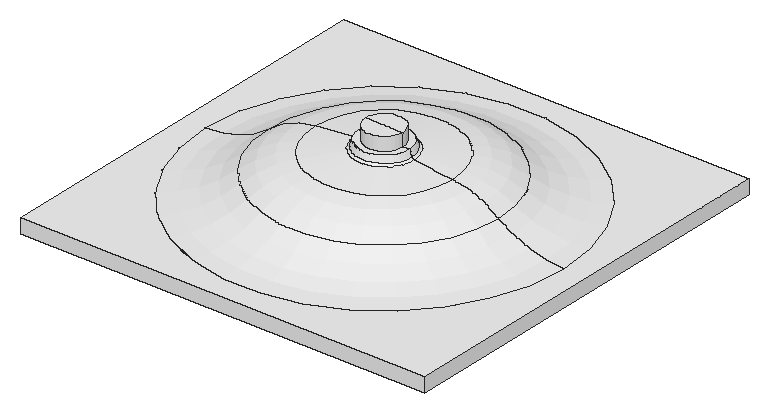
Revit family "Shower_Head-Grohe-Rainshower-26645000", category Plumbing Fixtures, Revit 2014
Parameters (values of type "26645000")
  Width = 12 3/16"  # constant formula
  Waste Connection = no
  Warranty Documentation Link = "https://www.grohe.us/en_us/our-service/warranty/"
  WFU = 4
  Vent Connection = no
  URL = "https://www.grohe.us/"
  Tempered Water Connection Radius = 1/4"  # constant formula
  Tempered Water Connection Diameter = Tempered Water Connection Radius * 2  # 1/2"
  Product Page URL = ""
  Product Documentation Link = ""
  Price = "Prices may vary. Please consult Manufacturer Representative for most up-to-date price list."  # constant formula
  Model = "26645000"
  Material = "Brass-Grohe-000-Starlight Chrome"
  Manufacturer = "Grohe"
  Hot Water Connection Radius = Tempered Water Connection Radius  # 1/4"
  Hot Water Connection Diameter = Hot Water Connection Radius * 2  # 1/2"
  Height = 2 5/8"  # constant formula
  HWFU = 3
  HW Connection = yes
  Flow Rate = "1.75 gpm (6.6 Lpm)"
  Finish = Brass-Grohe-000-Starlight Chrome
  Description = "Rainshower™ SmartConnect 310 Showerhead with Remote, Cube"  # constant formula
  Default Elevation = 0"
  Creation Date = "03/11/2020"  # constant formula
  Cold Water Connection Radius = Hot Water Connection Radius  # 1/4"
  Cold Water Connection Diameter = Cold Water Connection Radius * 2  # 1/2"
  CWFU = 3
  CW Connection = yes
  Assembly Code = "D2010700"
Reference planes (in)
  plane 1 "Center (Front/Back)": y = 0
  plane 2: z = 0
  plane 3 "Center (Left/Right)": x = 0
  plane 4: x = -0.46875
  plane 5: x = 0.6875
  plane 6: x = -0.6875
  plane 7: z = -2.625
Forms (in)
  Revolve 1, solid, material "Brass-Grohe-000-Starlight Chrome" <- "Finish"
    sketch origin (0, 0, 0) x (1, 0, 0) y (0, 0, 1)
      loop
        line (0, 0) -> (0, -2.52442) -> (5.86771, -2.52442) -> (5.86771, -1.99335) -> (5.44929, -1.99335)
        arc (5.44929, -1.99335) -> (4.40983, -1.81923) -> (3.48364, -1.31628) r 3.19388
        arc (3.48364, -1.31628) -> (2.82773, -0.9376) -> (2.09286, -0.75437) r 2.72097
        line (2.09286, -0.75437) -> (0.90534, -0.62956)
        arc (0.90534, -0.62956) -> (0.85958, -0.61107) -> (0.83058, -0.57115) r 0.08952
        line (0.83058, -0.57115) -> (0.7642, -0.38879) -> (0.56237, -0.38879) -> (0.56237, 0) -> (0, 0)
      axis (0, 0) -> (0, -2.52442)
    angle from 0 to 360
  Extrusion 2, solid, material "Rubber-Grohe-White"
    sketch origin (0, 0, 0) x (1, 0, 0) y (0, 1, 0)
      loop
        arc (-0.07811, 0.53346) -> (0, 0.45535) -> (0.07811, 0.53346) r 0.07811
        line (0.07811, 0.53346) -> (0.07811, 1.10581)
        arc (0.07811, 1.10581) -> (0, 1.18393) -> (-0.07811, 1.10581) r 0.07811
        line (-0.07811, 1.10581) -> (-0.07811, 0.53346)
      loop
        line (-0.07811, -0.53346) -> (-0.07811, -1.10581)
        arc (-0.07811, -1.10581) -> (0, -1.18393) -> (0.07811, -1.10581) r 0.07811
        line (0.07811, -1.10581) -> (0.07811, -0.53346)
        arc (0.07811, -0.53346) -> (0, -0.45535) -> (-0.07811, -0.53346) r 0.07811
      loop
        arc (0.32198, 0.43245) -> (0.32198, 0.32198) -> (0.43245, 0.32198) r 0.07811
        line (0.43245, 0.32198) -> (0.83716, 0.72669)
        arc (0.83716, 0.72669) -> (0.83716, 0.83716) -> (0.72669, 0.83716) r 0.07811
        line (0.72669, 0.83716) -> (0.32198, 0.43245)
      loop
        line (-0.43245, -0.32198) -> (-0.83716, -0.72669)
        arc (-0.83716, -0.72669) -> (-0.83716, -0.83716) -> (-0.72669, -0.83716) r 0.07811
        line (-0.72669, -0.83716) -> (-0.32198, -0.43245)
        arc (-0.32198, -0.43245) -> (-0.32198, -0.32198) -> (-0.43245, -0.32198) r 0.07811
      loop
        line (0.32198, -0.43245) -> (0.72669, -0.83716)
        arc (0.72669, -0.83716) -> (0.83716, -0.83716) -> (0.83716, -0.72669) r 0.07811
        line (0.83716, -0.72669) -> (0.43245, -0.32198)
        arc (0.43245, -0.32198) -> (0.32198, -0.32198) -> (0.32198, -0.43245) r 0.07811
      loop
        arc (-0.43245, 0.32198) -> (-0.32198, 0.32198) -> (-0.32198, 0.43245) r 0.07811
        line (-0.32198, 0.43245) -> (-0.72669, 0.83716)
        arc (-0.72669, 0.83716) -> (-0.83716, 0.83716) -> (-0.83716, 0.72669) r 0.07811
        line (-0.83716, 0.72669) -> (-0.43245, 0.32198)
      loop
        arc (0.53346, 0.07811) -> (0.45535, 0) -> (0.53346, -0.07811) r 0.07811
        line (0.53346, -0.07811) -> (1.10581, -0.07811)
        arc (1.10581, -0.07811) -> (1.18393, 0) -> (1.10581, 0.07811) r 0.07811
        line (1.10581, 0.07811) -> (0.53346, 0.07811)
      loop
        line (-0.53346, 0.07811) -> (-1.10581, 0.07811)
        arc (-1.10581, 0.07811) -> (-1.18393, 0) -> (-1.10581, -0.07811) r 0.07811
        line (-1.10581, -0.07811) -> (-0.53346, -0.07811)
        arc (-0.53346, -0.07811) -> (-0.45535, 0) -> (-0.53346, 0.07811) r 0.07811
      loop
        circle (0, 1.68145) r 0.05744
      loop
        circle (0, 2.30051) r 0.05744
      loop
        circle (0, 2.91958) r 0.05744
      loop
        circle (0, 3.53864) r 0.05744
      loop
        circle (0, 4.15771) r 0.05744
      loop
        circle (0, 4.77677) r 0.05744
      loop
        circle (0, 5.39583) r 0.05744
      loop
        circle (0, -1.68145) r 0.05744
      loop
        circle (0, -2.30051) r 0.05744
      loop
        circle (0, -2.91958) r 0.05744
      loop
        circle (0, -3.53864) r 0.05744
      loop
        circle (0, -4.15771) r 0.05744
      loop
        circle (0, -4.77677) r 0.05744
      loop
        circle (0, -5.39583) r 0.05744
      loop
        circle (0.7829, 1.68145) r 0.05744
      loop
        circle (0.7829, 2.30051) r 0.05744
      loop
        circle (0.7829, 2.91958) r 0.05744
      loop
        circle (0.7829, 3.53864) r 0.05744
      loop
        circle (0.7829, 4.15771) r 0.05744
      loop
        circle (0.7829, 4.77677) r 0.05744
      loop
        circle (0.7829, 5.39583) r 0.05744
      loop
        circle (0.7829, -1.68145) r 0.05744
      loop
        circle (0.7829, -2.30051) r 0.05744
      loop
        circle (0.7829, -2.91958) r 0.05744
      loop
        circle (0.7829, -3.53864) r 0.05744
      loop
        circle (0.7829, -4.15771) r 0.05744
      loop
        circle (0.7829, -4.77677) r 0.05744
      loop
        circle (0.7829, -5.39583) r 0.05744
      loop
        circle (1.56579, 1.68145) r 0.05744
      loop
        circle (1.56579, 2.30051) r 0.05744
      loop
        circle (1.56579, 2.91958) r 0.05744
      loop
        circle (1.56579, 3.53864) r 0.05744
      loop
        circle (1.56579, 4.15771) r 0.05744
      loop
        circle (1.56579, 4.77677) r 0.05744
      loop
        circle (1.56579, 5.39583) r 0.05744
      loop
        circle (1.56579, -1.68145) r 0.05744
      loop
        circle (1.56579, -2.30051) r 0.05744
      loop
        circle (1.56579, -2.91958) r 0.05744
      loop
        circle (1.56579, -3.53864) r 0.05744
      loop
        circle (1.56579, -4.15771) r 0.05744
      loop
        circle (1.56579, -4.77677) r 0.05744
      loop
        circle (1.56579, -5.39583) r 0.05744
      loop
        circle (2.34869, 1.68145) r 0.05744
      loop
        circle (2.34869, 2.30051) r 0.05744
      loop
        circle (2.34869, 2.91958) r 0.05744
      loop
        circle (2.34869, 3.53864) r 0.05744
      loop
        circle (2.34869, 4.15771) r 0.05744
      loop
        circle (2.34869, 4.77677) r 0.05744
      loop
        circle (2.34869, 5.39583) r 0.05744
      loop
        circle (2.34869, -1.68145) r 0.05744
      loop
        circle (2.34869, -2.30051) r 0.05744
      loop
        circle (2.34869, -2.91958) r 0.05744
      loop
        circle (2.34869, -3.53864) r 0.05744
      loop
        circle (2.34869, -4.15771) r 0.05744
      loop
        circle (2.34869, -4.77677) r 0.05744
      loop
        circle (2.34869, -5.39583) r 0.05744
      loop
        circle (3.13158, 1.68145) r 0.05744
      loop
        circle (3.13158, 2.30051) r 0.05744
      loop
        circle (3.13158, 2.91958) r 0.05744
      loop
        circle (3.13158, 3.53864) r 0.05744
      loop
        circle (3.13158, 4.15771) r 0.05744
      loop
        circle (3.13158, 4.77677) r 0.05744
      loop
        circle (3.13158, 5.39583) r 0.05744
      loop
        circle (3.13158, -1.68145) r 0.05744
      loop
        circle (3.13158, -2.30051) r 0.05744
      loop
        circle (3.13158, -2.91958) r 0.05744
      loop
        circle (3.13158, -3.53864) r 0.05744
      loop
        circle (3.13158, -4.15771) r 0.05744
      loop
        circle (3.13158, -4.77677) r 0.05744
      loop
        circle (3.13158, -5.39583) r 0.05744
      loop
        circle (3.91448, 1.68145) r 0.05744
      loop
        circle (3.91448, 2.30051) r 0.05744
      loop
        circle (3.91448, 2.91958) r 0.05744
      loop
        circle (3.91448, 3.53864) r 0.05744
      loop
        circle (3.91448, 4.15771) r 0.05744
      loop
        circle (3.91448, 4.77677) r 0.05744
      loop
        circle (3.91448, 5.39583) r 0.05744
      loop
        circle (3.91448, -1.68145) r 0.05744
      loop
        circle (3.91448, -2.30051) r 0.05744
      loop
        circle (3.91448, -2.91958) r 0.05744
      loop
        circle (3.91448, -3.53864) r 0.05744
      loop
        circle (3.91448, -4.15771) r 0.05744
      loop
        circle (3.91448, -4.77677) r 0.05744
      loop
        circle (3.91448, -5.39583) r 0.05744
      loop
        circle (4.69737, 1.68145) r 0.05744
      loop
        circle (4.69737, 2.30051) r 0.05744
      loop
        circle (4.69737, 2.91958) r 0.05744
      loop
        circle (4.69737, 3.53864) r 0.05744
      loop
        circle (4.69737, 4.15771) r 0.05744
      loop
        circle (4.69737, 4.77677) r 0.05744
      loop
        circle (4.69737, 5.39583) r 0.05744
      loop
        circle (4.69737, -1.68145) r 0.05744
      loop
        circle (4.69737, -2.30051) r 0.05744
      loop
        circle (4.69737, -2.91958) r 0.05744
      loop
        circle (4.69737, -3.53864) r 0.05744
      loop
        circle (4.69737, -4.15771) r 0.05744
      loop
        circle (4.69737, -4.77677) r 0.05744
      loop
        circle (4.69737, -5.39583) r 0.05744
      loop
        circle (5.48027, 1.68145) r 0.05744
      loop
        circle (5.48027, 2.30051) r 0.05744
      loop
        circle (5.48027, 2.91958) r 0.05744
      loop
        circle (5.48027, 3.53864) r 0.05744
      loop
        circle (5.48027, 4.15771) r 0.05744
      loop
        circle (5.48027, 4.77677) r 0.05744
      loop
        circle (5.48027, 5.39583) r 0.05744
      loop
        circle (5.48027, -1.68145) r 0.05744
      loop
        circle (5.48027, -2.30051) r 0.05744
      loop
        circle (5.48027, -2.91958) r 0.05744
      loop
        circle (5.48027, -3.53864) r 0.05744
      loop
        circle (5.48027, -4.15771) r 0.05744
      loop
        circle (5.48027, -4.77677) r 0.05744
      loop
        circle (5.48027, -5.39583) r 0.05744
      loop
        circle (1.56579, 0.44332) r 0.05744
      loop
        circle (1.56579, 1.06239) r 0.05744
      loop
        circle (2.34869, 0.44332) r 0.05744
      loop
        circle (2.34869, 1.06239) r 0.05744
      loop
        circle (3.13158, 0.44332) r 0.05744
      loop
        circle (3.13158, 1.06239) r 0.05744
      loop
        circle (3.91448, 0.44332) r 0.05744
      loop
        circle (3.91448, 1.06239) r 0.05744
      loop
        circle (4.69737, 0.44332) r 0.05744
      loop
        circle (4.69737, 1.06239) r 0.05744
      loop
        circle (5.48027, 0.44332) r 0.05744
      loop
        circle (5.48027, 1.06239) r 0.05744
      loop
        circle (1.56579, -0.44332) r 0.05744
      loop
        circle (1.56579, -1.06239) r 0.05744
      loop
        circle (2.34869, -0.44332) r 0.05744
      loop
        circle (2.34869, -1.06239) r 0.05744
      loop
        circle (3.13158, -0.44332) r 0.05744
      loop
        circle (3.13158, -1.06239) r 0.05744
      loop
        circle (3.91448, -0.44332) r 0.05744
      loop
        circle (3.91448, -1.06239) r 0.05744
      loop
        circle (4.69737, -0.44332) r 0.05744
      loop
        circle (4.69737, -1.06239) r 0.05744
      loop
        circle (5.48027, -0.44332) r 0.05744
      loop
        circle (5.48027, -1.06239) r 0.05744
      loop
        circle (-1.56579, 1.68145) r 0.05744
      loop
        circle (-1.56579, 2.30051) r 0.05744
      loop
        circle (-1.56579, 2.91958) r 0.05744
      loop
        circle (-1.56579, 3.53864) r 0.05744
      loop
        circle (-1.56579, 4.15771) r 0.05744
      loop
        circle (-1.56579, 4.77677) r 0.05744
      loop
        circle (-1.56579, 5.39583) r 0.05744
      loop
        circle (-1.56579, -1.68145) r 0.05744
      loop
        circle (-1.56579, -2.30051) r 0.05744
      loop
        circle (-1.56579, -2.91958) r 0.05744
      loop
        circle (-1.56579, -3.53864) r 0.05744
      loop
        circle (-1.56579, -4.15771) r 0.05744
      loop
        circle (-1.56579, -4.77677) r 0.05744
      loop
        circle (-1.56579, -5.39583) r 0.05744
      loop
        circle (-2.34869, 1.68145) r 0.05744
      loop
        circle (-2.34869, 2.30051) r 0.05744
      loop
        circle (-2.34869, 2.91958) r 0.05744
      loop
        circle (-2.34869, 3.53864) r 0.05744
      loop
        circle (-2.34869, 4.15771) r 0.05744
      loop
        circle (-2.34869, 4.77677) r 0.05744
      loop
        circle (-2.34869, 5.39583) r 0.05744
      loop
        circle (-2.34869, -1.68145) r 0.05744
      loop
        circle (-2.34869, -2.30051) r 0.05744
      loop
        circle (-2.34869, -2.91958) r 0.05744
      loop
        circle (-2.34869, -3.53864) r 0.05744
      loop
        circle (-2.34869, -4.15771) r 0.05744
      loop
        circle (-2.34869, -4.77677) r 0.05744
      loop
        circle (-2.34869, -5.39583) r 0.05744
      loop
        circle (-3.13158, 1.68145) r 0.05744
      loop
        circle (-3.13158, 2.30051) r 0.05744
      loop
        circle (-3.13158, 2.91958) r 0.05744
      loop
        circle (-3.13158, 3.53864) r 0.05744
      loop
        circle (-3.13158, 4.15771) r 0.05744
      loop
        circle (-3.13158, 4.77677) r 0.05744
      loop
        circle (-3.13158, 5.39583) r 0.05744
      loop
        circle (-3.13158, -1.68145) r 0.05744
      loop
        circle (-3.13158, -2.30051) r 0.05744
      loop
        circle (-3.13158, -2.91958) r 0.05744
      loop
        circle (-3.13158, -3.53864) r 0.05744
      loop
        circle (-3.13158, -4.15771) r 0.05744
      loop
        circle (-3.13158, -4.77677) r 0.05744
      loop
        circle (-3.13158, -5.39583) r 0.05744
      loop
        circle (-3.91448, 1.68145) r 0.05744
      loop
        circle (-3.91448, 2.30051) r 0.05744
      loop
        circle (-3.91448, 2.91958) r 0.05744
      loop
        circle (-3.91448, 3.53864) r 0.05744
      loop
        circle (-3.91448, 4.15771) r 0.05744
      loop
        circle (-3.91448, 4.77677) r 0.05744
      loop
        circle (-3.91448, 5.39583) r 0.05744
      loop
        circle (-3.91448, -1.68145) r 0.05744
      loop
        circle (-3.91448, -2.30051) r 0.05744
      loop
        circle (-3.91448, -2.91958) r 0.05744
      loop
        circle (-3.91448, -3.53864) r 0.05744
      loop
        circle (-3.91448, -4.15771) r 0.05744
      loop
        circle (-3.91448, -4.77677) r 0.05744
      loop
        circle (-3.91448, -5.39583) r 0.05744
      loop
        circle (-4.69737, 1.68145) r 0.05744
      loop
        circle (-4.69737, 2.30051) r 0.05744
      loop
        circle (-4.69737, 2.91958) r 0.05744
      loop
        circle (-4.69737, 3.53864) r 0.05744
      loop
        circle (-4.69737, 4.15771) r 0.05744
      loop
        circle (-4.69737, 4.77677) r 0.05744
      loop
        circle (-4.69737, 5.39583) r 0.05744
      loop
        circle (-4.69737, -1.68145) r 0.05744
      loop
        circle (-4.69737, -2.30051) r 0.05744
      loop
        circle (-4.69737, -2.91958) r 0.05744
      loop
        circle (-4.69737, -3.53864) r 0.05744
      loop
        circle (-4.69737, -4.15771) r 0.05744
      loop
        circle (-4.69737, -4.77677) r 0.05744
      loop
        circle (-4.69737, -5.39583) r 0.05744
      loop
        circle (-5.48027, 1.68145) r 0.05744
      loop
        circle (-5.48027, 2.30051) r 0.05744
      loop
        circle (-5.48027, 2.91958) r 0.05744
      loop
        circle (-5.48027, 3.53864) r 0.05744
      loop
        circle (-5.48027, 4.15771) r 0.05744
      loop
        circle (-5.48027, 4.77677) r 0.05744
      loop
        circle (-5.48027, 5.39583) r 0.05744
      loop
        circle (-5.48027, -1.68145) r 0.05744
      loop
        circle (-5.48027, -2.30051) r 0.05744
      loop
        circle (-5.48027, -2.91958) r 0.05744
      loop
        circle (-5.48027, -3.53864) r 0.05744
      loop
        circle (-5.48027, -4.15771) r 0.05744
      loop
        circle (-5.48027, -4.77677) r 0.05744
      loop
        circle (-5.48027, -5.39583) r 0.05744
      loop
        circle (-1.56579, 0.44332) r 0.05744
      loop
        circle (-1.56579, 1.06239) r 0.05744
      loop
        circle (-2.34869, 0.44332) r 0.05744
      loop
        circle (-2.34869, 1.06239) r 0.05744
      loop
        circle (-3.13158, 0.44332) r 0.05744
      loop
        circle (-3.13158, 1.06239) r 0.05744
      loop
        circle (-3.91448, 0.44332) r 0.05744
      loop
        circle (-3.91448, 1.06239) r 0.05744
      loop
        circle (-4.69737, 0.44332) r 0.05744
      loop
        circle (-4.69737, 1.06239) r 0.05744
      loop
        circle (-5.48027, 0.44332) r 0.05744
      loop
        circle (-5.48027, 1.06239) r 0.05744
      loop
        circle (-1.56579, -0.44332) r 0.05744
      loop
        circle (-1.56579, -1.06239) r 0.05744
      loop
        circle (-2.34869, -0.44332) r 0.05744
      loop
        circle (-2.34869, -1.06239) r 0.05744
      loop
        circle (-3.13158, -0.44332) r 0.05744
      loop
        circle (-3.13158, -1.06239) r 0.05744
      loop
        circle (-3.91448, -0.44332) r 0.05744
      loop
        circle (-3.91448, -1.06239) r 0.05744
      loop
        circle (-4.69737, -0.44332) r 0.05744
      loop
        circle (-4.69737, -1.06239) r 0.05744
      loop
        circle (-5.48027, -0.44332) r 0.05744
      loop
        circle (-5.48027, -1.06239) r 0.05744
      loop
        circle (-0.7829, 1.68145) r 0.05744
      loop
        circle (-0.7829, 2.30051) r 0.05744
      loop
        circle (-0.7829, 2.91958) r 0.05744
      loop
        circle (-0.7829, 3.53864) r 0.05744
      loop
        circle (-0.7829, 4.15771) r 0.05744
      loop
        circle (-0.7829, 4.77677) r 0.05744
      loop
        circle (-0.7829, 5.39583) r 0.05744
      loop
        circle (-0.7829, -1.68145) r 0.05744
      loop
        circle (-0.7829, -2.30051) r 0.05744
      loop
        circle (-0.7829, -2.91958) r 0.05744
      loop
        circle (-0.7829, -3.53864) r 0.05744
      loop
        circle (-0.7829, -4.15771) r 0.05744
      loop
        circle (-0.7829, -4.77677) r 0.05744
      loop
        circle (-0.7829, -5.39583) r 0.05744
    from -2.625 to -2.22053
  Sweep 3, solid, material "Brass-Grohe-000-Starlight Chrome" <- "Finish"
    path origin (0, 0, 0) x (1, 0, 0) y (0, 1, 0)
      loop
        line (-6.14513, -6.14513) -> (6.14513, -6.14513) -> (6.14513, 6.14513) -> (-6.14513, 6.14513) -> (-6.14513, -6.14513)
    profile origin (-6.14513, 0, 0) x (-1, 0, 0) y (0, 0, 1)
      loop
        line (-0.20218, -2.52442) -> (0, -2.42783) -> (0, -1.99335) -> (-2.33784, -1.99335) -> (-2.33784, -2.52442) -> (-0.20218, -2.52442)
Cuts and joins
  joined: Revolve 1, Sweep 3
Lines and regions (in)
  Masking region 1
    outline origin (0, 0, 0) x (1, 0, 0) y (0, 1, 0)
      loop
        line (-6.14513, 6.14513) -> (-6.14513, -6.14513) -> (6.14513, -6.14513) -> (6.14513, 6.14513) -> (-6.14513, 6.14513)
  symbolic lines, detail levels medium+fine
    curve 1: circle (0, 0, 0) r 0.7642 normal (0, 0, 1)
  symbolic lines, detail levels fine
    curve 2: circle (0, 0, 0) r 0.25 normal (0, 0, 1)
Dimensions and locks (in)
  equal spacing: plane 5, plane 3 "Center (Left/Right)", plane 6
  plane 6 to plane 5 = 1 3/8"
  level to plane 7 = 2 5/8"
Automatic sketch dimensions
  curve 1 to curve 2 = 0"  (x2)
  plane 1 "Center (Front/Back)" to curve 2 = 0"
  curve 2 to plane 3 "Center (Left/Right)" = 0"
  plane 1 "Center (Front/Back)" to Sweep 3 sketch curve = 6.14513"
  Sweep 3 sketch curve to plane 1 "Center (Front/Back)" = 6.14513"
  plane 6 to Sweep 3 sketch curve = 5.45763"
  plane 5 to Sweep 3 sketch curve = 5.45763"
  Sweep 3 sketch curve to profile plane = 0"
  Sweep 3 sketch curve to Sweep 3 sketch curve = 2.33784"
  Sweep 3 sketch curve to level = 2.42783"
  Sweep 3 sketch curve to level = 1.99335"
  profile plane to Sweep 3 sketch curve = 0.20218"
  Sweep 3 sketch curve to Sweep 3 sketch curve = 0.09659"
  Revolve 1 sketch curve to plane 3 "Center (Left/Right)" = 0"  (x2)
  Revolve 1 sketch curve to level = 0"
  Revolve 1 sketch curve to plane 5 = 0.12513"
  plane 5 to Revolve 1 sketch curve = 0.0767"
  plane 5 to Revolve 1 sketch curve = 0.14308"
  Revolve 1 sketch curve to Revolve 1 sketch curve = 0.07476"
  Revolve 1 sketch curve to Revolve 1 sketch curve = 0.08412"
  plane 5 to Revolve 1 sketch curve = 1.12094"
  Revolve 1 sketch curve to level = 0.75437"
  Revolve 1 sketch curve to Revolve 1 sketch curve = 1.18752"
  Revolve 1 sketch curve to plane 7 = 0.63165"
  Revolve 1 sketch curve to Revolve 1 sketch curve = 3.35643"
  level to Revolve 1 sketch curve = 1.20053"
  Revolve 1 sketch curve to Revolve 1 sketch curve = 0.0007"
  Revolve 1 sketch curve to Revolve 1 sketch curve = 0.41842"
  Revolve 1 sketch curve to plane 7 = 0.10058"
  plane 7 to Revolve 1 sketch curve = 0.83543"
  Revolve 1 sketch curve to level = 0.62956"
  Revolve 1 sketch curve to Revolve 1 sketch curve = 0.05841"
  Revolve 1 sketch curve to Revolve 1 sketch curve = 0.18236"
  Revolve 1 sketch curve to Revolve 1 sketch curve = 1.09506"
  Revolve 1 sketch curve to Revolve 1 sketch curve = 0.65494"
  plane 6 to Masking region 1 sketch curve = 5.45763"
  plane 5 to Masking region 1 sketch curve = 5.45763"
  plane 1 "Center (Front/Back)" to Masking region 1 sketch curve = 6.14513"
  Masking region 1 sketch curve to plane 1 "Center (Front/Back)" = 6.14513"
  plane 1 "Center (Front/Back)" to Extrusion 2 sketch curve = 0"  (x2)
  Extrusion 2 sketch curve to plane 3 "Center (Left/Right)" = 0"  (x16)
  Extrusion 2 sketch curve to plane 3 "Center (Left/Right)" = 5/64"  (x2)
  Extrusion 2 sketch curve to Extrusion 2 sketch curve = 0.24387"  (x8)
  Extrusion 2 sketch curve to Extrusion 2 sketch curve = 0.05523"  (x24)
  Extrusion 2 sketch curve to plane 6 = 0.15404"
  plane 6 to Extrusion 2 sketch curve = 0.03919"  (x2)
  plane 6 to Extrusion 2 sketch curve = 0.0954"  (x14)
  plane 6 to Extrusion 2 sketch curve = 0.41831"
  Extrusion 2 sketch curve to Extrusion 2 sketch curve = 0.7829"  (x46)
  Extrusion 2 sketch curve to Extrusion 2 sketch curve = 0"  (x166)
  Extrusion 2 sketch curve to Extrusion 2 sketch curve = 0.72863"  (x3)
  Extrusion 2 sketch curve to Extrusion 2 sketch curve = 0.45998"  (x4)
  Extrusion 2 sketch curve to plane 5 = 0.15404"
  plane 5 to Extrusion 2 sketch curve = 0.03919"  (x2)
  plane 5 to Extrusion 2 sketch curve = 0.0954"  (x14)
  plane 5 to Extrusion 2 sketch curve = 0.41831"
  Extrusion 2 sketch curve to Extrusion 2 sketch curve = 5/64"
  plane 1 "Center (Front/Back)" to Extrusion 2 sketch curve = 5/64"
  plane 1 "Center (Front/Back)" to Extrusion 2 sketch curve = 0.44332"  (x12)
  Extrusion 2 sketch curve to Extrusion 2 sketch curve = 0.10101"  (x2)
  Extrusion 2 sketch curve to Extrusion 2 sketch curve = 0.40471"  (x4)
  Extrusion 2 sketch curve to Extrusion 2 sketch curve = 0.61906"  (x228)
  Extrusion 2 sketch curve to Extrusion 2 sketch curve = 0.57235"  (x2)
  Extrusion 2 sketch curve to Extrusion 2 sketch curve = 0.84429"
  Extrusion 2 sketch curve to Extrusion 2 sketch curve = 0.57564"  (x2)
  Extrusion 2 sketch curve to plane 1 "Center (Front/Back)" = 0.44332"  (x12)
  radius of curve 1 = 0.7642"
  radius of curve 2 = 1/4"
  radius of Extrusion 2 sketch curve = 0.05744"  (x258)
Connectors (in)
  piping at (0, 0, 0), diameter 0.5, driven by "Tempered Water Connection Diameter"
    settings: on Revolve 1, index 1, connector inside diameter 24", connector length 0", flow factor 0, pipe flow 0 GPM, pressure drop 0.00 psi, fitting loss kfactor 0, connector angle 0.00°, fixture units 0, engagement length 0", angle of deflection 0.00°, flow configuration 0, flow direction 1, fitting loss method 0, system type 29, joint type 0, gender type 0, connector reference index -1, connector utility 0, adjustable connector no, is connector primary yes, connector description "1/2\" NPT Supply Inlet"
